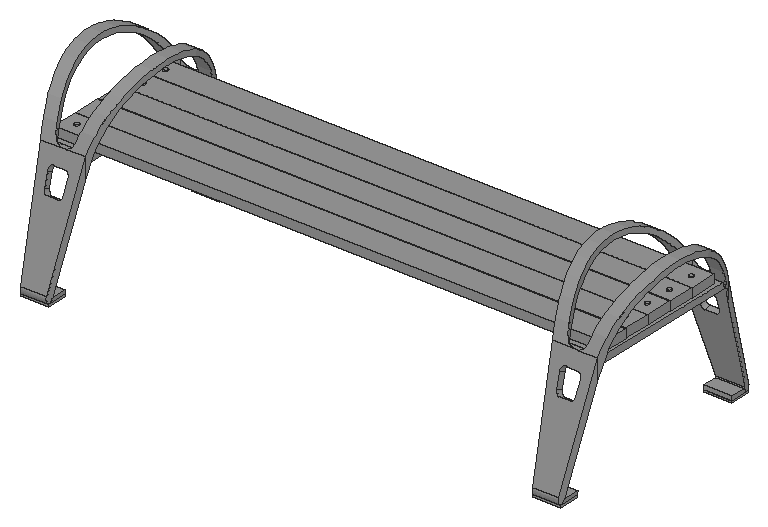
Revit family "Скамья уличная «Техно»", category Антураж, Revit 2017
Family settings
  На основе рабочей плоскости = Нет
  Всегда вертикально = Да
  При загрузке вырезать с полостями = Нет
  Источник визуального образа = Геометрия семейства
  Общий = Нет
  Точка расчета площади = Нет
Parameters (values of type "Скамья уличная «Техно» 2,0м")
  Стоимость = 12600
  Изготовитель = "ООО \"Хоббика\""
  Длина доски = ADSK_Размер_Длина - 85 mm * 2  # 1830 mm
  Высота = 0 mm
  URL = "https://hobbyka.ru/product/skamya_ulichnaya_tekhno/?sphrase_id=67826"
  ADSK_Размер_Ширина = 790 mm
  ADSK_Размер_Длина = 2000 mm
  ADSK_Размер_Высота сидения = 430 mm
  ADSK_Размер_Высота = 600 mm
  ADSK_Наименование = "Скамья уличная «Техно»"
  ADSK_Материал фурнитуры = Сталь, хромированная
  ADSK_Материал опоры = Сталь, хромированная
  ADSK_Материал доски = Лиственница
  ADSK_Код изделия = "9902"
Reference planes
  plane 1 "По центру (Вперед/Назад)": y = 0
  plane 2: z = 0
  plane 3 "По центру (Влево/Вправо)": x = 0
  plane 4: x = -1000
  plane 5: x = 1000
  plane 6: x = -915.096
  plane 7: x = 914.904
Dimensions and locks
  equal spacing: plane 4, plane 3 "По центру (Влево/Вправо)", plane 5
  "ADSK_Размер_Длина": plane 4 to plane 5
  plane 4 to plane 6 = 84.904 mm
  plane 7 to plane 5 = 85.096 mm
  "Длина доски": plane 6 to plane 7
  aligned and locked: level to plane 2
  aligned and locked: nested 1 to plane 4
  aligned and locked: nested 2 to plane 5
  aligned and locked: plane 6 to nested 3
  aligned and locked: plane 6 to nested 4
  aligned and locked: plane 6 to nested 5
  aligned and locked: plane 6 to nested 6
  aligned and locked: plane 6 to nested 7
Nested families
  nested 1: "Семейство1" at (-852.678, 0, 0), Материал опоры <- "ADSK_Материал опоры", type "Семейство1"
    with Материал опоры Сталь, хромированная
  nested 2: "Семейство1" at (852.678, 0, 0) x (-1, 0, 0) z (0, 0, 1), Материал опоры <- "ADSK_Материал опоры", type "Семейство1"
    with Материал опоры Сталь, хромированная
  nested 3: "Семейство3" at (-915.096, -185.391, 399.729), Материал доски <- "ADSK_Материал доски", Материал фурнитуры <- "ADSK_Материал фурнитуры", Длина доски <- "Длина доски", type "Семейство3"
    with Материал фурнитуры Сталь, хромированная, Материал доски Лиственница, Длина доски 1830 mm
  nested 4: "Семейство3" at (-915.096, -92.991, 399.729), Материал доски <- "ADSK_Материал доски", Материал фурнитуры <- "ADSK_Материал фурнитуры", Длина доски <- "Длина доски", type "Семейство3"
    with Материал фурнитуры Сталь, хромированная, Материал доски Лиственница, Длина доски 1830 mm
  nested 5: "Семейство3" at (-915.096, -0.591, 399.729), Материал доски <- "ADSK_Материал доски", Материал фурнитуры <- "ADSK_Материал фурнитуры", Длина доски <- "Длина доски", type "Семейство3"
    with Материал фурнитуры Сталь, хромированная, Материал доски Лиственница, Длина доски 1830 mm
  nested 6: "Семейство3" at (-915.096, 91.809, 399.729), Материал доски <- "ADSK_Материал доски", Материал фурнитуры <- "ADSK_Материал фурнитуры", Длина доски <- "Длина доски", type "Семейство3"
    with Материал фурнитуры Сталь, хромированная, Материал доски Лиственница, Длина доски 1830 mm
  nested 7: "Семейство3" at (-915.096, 184.209, 399.729), Материал доски <- "ADSK_Материал доски", Материал фурнитуры <- "ADSK_Материал фурнитуры", Длина доски <- "Длина доски", type "Семейство3"
    with Материал фурнитуры Сталь, хромированная, Материал доски Лиственница, Длина доски 1830 mm
Definition of nested family "Семейство1"
  Parameters (values of type "Семейство1")
    Материал опоры [instance] = none
    Height = 0 mm
  Reference planes
    plane 1 "По центру (Вперед/Назад)": y = 0
    plane 2: z = 0
    plane 3 "По центру (Влево/Вправо)": x = 0
  Forms (mm)
    Extrusion 1, solid, material <- "Материал опоры"
      sketch origin (0, 0, 0) x (0, 1, 0) y (0, 0, 1)
        loop
          arc (-394.046, 29.564) -> (-394.788, 17.566) -> (-389.46, 6.791) r 23.333
          line (-389.46, 6.791) -> (-321.963, 6.787) -> (-321.963, 19.403) -> (-374.535, 19.403)
          arc (-374.535, 19.403) -> (-375.482, 21.632) -> (-375.287, 24.046) r 5.064
          line (-375.287, 24.046) -> (-249.455, 400.83)
          arc (-249.455, 400.83) -> (2.164, 578.961) -> (250.826, 396.725) r 263.73
          line (250.826, 396.725) -> (375.287, 24.046)
          arc (375.287, 24.046) -> (375.482, 21.632) -> (374.535, 19.403) r 5.064
          line (374.535, 19.403) -> (321.963, 19.403) -> (321.963, 6.787) -> (389.46, 6.791)
          arc (389.46, 6.791) -> (394.788, 17.566) -> (394.046, 29.564) r 23.333
          line (394.046, 29.564) -> (269.387, 402.838)
          arc (269.387, 402.838) -> (0, 596.885) -> (-269.387, 402.838) r 284.012
          line (-269.387, 402.838) -> (-394.046, 29.564)
      from -167.286 to 159.258
    Extrusion 2, void
      sketch origin (0, 0, 0) x (1, 0, 0) y (0, 1, 0)
        loop
          line (-41.58, 400.167) -> (-41.58, 494.046) -> (-270.566, 494.046) -> (-270.566, -494.046) -> (-50.566, -494.046) -> (-41.58, -400.167) -> (-75.07, -269.387)
          arc (-75.07, -269.387) -> (-132.322, 0) -> (-75.07, 269.387) r 662.392
          line (-75.07, 269.387) -> (-41.58, 400.167)
        loop
          line (41.58, 400.167) -> (75.07, 269.387)
          arc (75.07, 269.387) -> (132.322, 0) -> (75.07, -269.387) r 662.392
          line (75.07, -269.387) -> (41.139, -401.888) -> (50.566, -494.046) -> (270.566, -494.046) -> (270.566, 494.046) -> (41.58, 494.046) -> (41.58, 400.167)
      from 0 to 705.334
    Extrusion 3, solid, material <- "Материал опоры"
      sketch origin (0, 0, 0) x (0, 1, 0) y (0, 0, 1)
        loop
          line (249.822, 399.729) -> (-249.822, 399.729) -> (-257.301, 377.335) -> (257.301, 377.335) -> (249.822, 399.729)
      from -73 to 73
    Extrusion 4, void
      sketch origin (0, -394.046, 29.564) x (0, -0.316764, -0.948504) y (-1, 0, 0)
        loop
          line (-255.228, -20.567) -> (-255.228, 20.567)
          arc (-255.228, 20.567) -> (-262.787, 28.393) -> (-273.171, 31.645) r 22.023
          line (-273.171, 31.645) -> (-320.028, 34.172)
          arc (-320.028, 34.172) -> (-333.058, 30.811) -> (-341.783, 20.567) r 22.307
          line (-341.783, 20.567) -> (-341.783, -20.567)
          arc (-341.783, -20.567) -> (-333.058, -30.811) -> (-320.028, -34.172) r 22.307
          line (-320.028, -34.172) -> (-273.171, -31.645)
          arc (-273.171, -31.645) -> (-262.787, -28.393) -> (-255.228, -20.567) r 22.024
      from 0 to 39.579
    Extrusion 5, void
      sketch origin (0, 394.046, 29.564) x (0, 0.316764, -0.948504) y (1, 0, 0)
        loop
          arc (-255.228, 20.567) -> (-262.787, 28.393) -> (-273.171, 31.645) r 22.024
          line (-273.171, 31.645) -> (-320.028, 34.172)
          arc (-320.028, 34.172) -> (-333.058, 30.811) -> (-341.783, 20.567) r 22.307
          line (-341.783, 20.567) -> (-341.783, -20.567)
          arc (-341.783, -20.567) -> (-333.058, -30.811) -> (-320.028, -34.172) r 22.307
          line (-320.028, -34.172) -> (-273.171, -31.645)
          arc (-273.171, -31.645) -> (-262.787, -28.393) -> (-255.228, -20.567) r 22.023
          line (-255.228, -20.567) -> (-255.228, 20.567)
      from 0 to 39.579
    Extrusion 6, void
      sketch origin (0, 0, 0) x (1, 0, 0) y (0, 1, 0)
        loop
          arc (-23.287, 267.283) -> (-28.977, 264.926) -> (-33.589, 260.845) r 18.651
          arc (-33.589, 260.845) -> (-88.653, 0) -> (-33.589, -260.845) r 645.368
          arc (-33.589, -260.845) -> (-28.977, -264.926) -> (-23.287, -267.283) r 18.651
          arc (-23.287, -267.283) -> (0, -269.935) -> (23.287, -267.283) r 103.567
          arc (23.287, -267.283) -> (28.977, -264.926) -> (33.589, -260.845) r 18.651
          arc (33.589, -260.845) -> (88.653, 0) -> (33.589, 260.845) r 645.368
          arc (33.589, 260.845) -> (28.977, 264.926) -> (23.287, 267.283) r 18.651
          arc (23.287, 267.283) -> (0, 269.935) -> (-23.287, 267.283) r 103.567
      from 400.83 to 640.386
    Extrusion 7, solid, material <- "Материал опоры"
      sketch origin (0, 0, 0) x (0, 1, 0) y (0, 0, 1)
        loop
          line (389.46, 6.791) -> (321.963, 6.791) -> (321.963, 0) -> (389.46, 0) -> (389.46, 6.791)
      from -46.5 to 46.476
    Extrusion 8, void
      sketch origin (0, 0, 0) x (1, 0, 0) y (0, 0, 1)
        loop
          line (45.895, 0) -> (75.554, 0) -> (75.554, 54.482) -> (50.554, 54.482) -> (45.895, 0)
      from -474.69 to 434.781
    Extrusion 9, void
      sketch origin (0, 0, 0) x (-1, 0, 0) y (0, 0, -1)
        loop
          line (45.895, 0) -> (50.554, -54.482) -> (75.554, -54.482) -> (75.554, 0) -> (45.895, 0)
      from -474.69 to 434.781
    Extrusion 10, solid, material <- "Материал опоры"
      sketch origin (0, 0, 0) x (0, -1, 0) y (0, 0, -1)
        loop
          line (389.46, -6.791) -> (389.46, 0) -> (321.963, 0) -> (321.963, -6.791) -> (389.46, -6.791)
      from -46.5 to 46.476
  Cuts and joins
    Extrusion 2, Extrusion 4, Extrusion 5, Extrusion 6, Extrusion 8, Extrusion 9 cuts Extrusion 1
  Lines and regions (mm)
    reference lines
      curve 1: line (-117.322, 294.517, 0) -> (-117.322, -275.483, 0)
      curve 2: line (117.322, 312.905, 0) -> (117.322, -302.095, 0)
    symbolic lines
      curve 3: line (-147.322, 244.517, 0) -> (-147.322, -302.095, 0)
      curve 4: line (147.322, 244.517, 0) -> (147.322, -302.095, 0)
  Dimensions and locks
    Extrusion 3 to Extrusion 3 = 22.395 mm
    aligned and locked: level to plane 2
Definition of nested family "Семейство3"
  Parameters (values of type "Семейство3")
    Default Elevation = 1219.2 mm
    Материал фурнитуры [instance] = none
    Материал доски [instance] = none
    Длина доски [instance] = 1000 mm
  Reference planes
    plane 1 "По центру (Вперед/Назад)": y = 0
    plane 2: z = 0
    plane 3 "По центру (Влево/Вправо)": x = 0
    plane 4: x = 40
    plane 5: x = 960
    plane 6: x = 1000
  Forms (mm)
    Extrusion 1, solid
      sketch origin (0, 0, 0) x (1, 0, 0) y (0, 1, 0)
        loop
          line (-1219.2, 1219.2) -> (-1219.2, -1219.2) -> (1219.2, -1219.2) -> (1219.2, 1219.2) -> (-1219.2, 1219.2)
      from 0 to -304.8
    Extrusion 2, solid, material <- "Материал доски"
      sketch origin (0, 0, 0) x (0, 1, 0) y (0, 0, 1)
        loop
          line (45.2, 30) -> (-45.2, 30) -> (-45.2, 0) -> (45.2, 0) -> (45.2, 30)
      from 0 to 1000
    Extrusion 3, solid, material <- "Материал фурнитуры"
      sketch origin (0, 0, 0) x (1, 0, 0) y (0, 1, 0)
        loop
          circle (40, 0) r 7
        loop
          circle (960, 0) r 7
      from 30 to 31
  Dimensions and locks
    locked: plane 3 "По центру (Влево/Вправо)" to plane 4 at 40
    locked: plane 5 to plane 6 at 40
    "Длина доски": plane 3 "По центру (Влево/Вправо)" to plane 6
    aligned and locked: plane 2 to Extrusion 1
    aligned and locked: level to Extrusion 1
    aligned and locked: plane 6 to Extrusion 2
  Automatic sketch dimensions
    Extrusion 1 sketch curve to Extrusion 1 sketch curve = 2438.4 mm  (x2)
    Extrusion 2 sketch curve to level = 0 mm
    plane 1 "По центру (Вперед/Назад)" to Extrusion 2 sketch curve = 45.2 mm
    Extrusion 2 sketch curve to plane 1 "По центру (Вперед/Назад)" = 45.2 mm
    level to Extrusion 2 sketch curve = 30 mm
    plane 1 "По центру (Вперед/Назад)" to Extrusion 3 sketch curve = 0 mm  (x2)
    Extrusion 3 sketch curve to plane 4 = 0 mm
    Extrusion 3 sketch curve to plane 5 = 0 mm
    radius of Extrusion 3 sketch curve = 7 mm  (x2)
